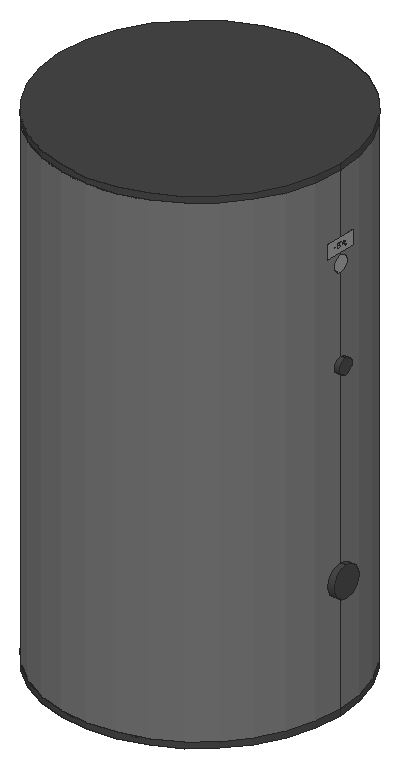
Revit family "EVAN WBT", category Оборудование, Revit 2019
Family settings
  Размер круглого соединителя = Использовать диаметр
  Классификация = Нет
  Тип детали = Нормальный
  На основе рабочей плоскости = Нет
  Всегда вертикально = Да
  При загрузке вырезать с полостями = Нет
  Общий = Нет
  Точка расчета площади = Нет
Parameters (values of type "EVAN WBT 800 л. с одним змеевиком")
  Электрическая мощность ТЭНа N, кВт2) = 0 W
  Частота тока для ТЭНа, Гц = 0 Hz
  ТЭН [instance] = ТЭН : нет
  Статическая потеря, Вт [instance] = 0 W
  Сопротивление змеевика, мбар [instance] = ""
  Серый = Серый
  Постоянная произво- дительность, литр/ час [instance] = ""
  Площадь змеевика, м2 [instance] = 2.55 m²
  Температура окружающей среды при эксплуатации водонагревателя, оС = ""
  Стекло = Стекло
  Пластмасса_черная = Пластмасса_черная
  Пластик_синий = Пластик_синий
  Пластик_красный = Пластик_красный
  Пластик прозрачный = Пластик_прозрачный
  Номинальное давление для теплообменника PNз, бар = ""
  Номинальное давление для бака PNб, бар = ""
  Напряжение питания для ТЭНа, В = 0 V
  Материал корпуса = "Конструкционная сталь с эмалевым покрытием"
  Максимальная температура греющего теплоносителя Тмакс, оС = ""
  Максимальная температура горячей воды Тг, оС = ""
  Макс. производи- тельност, л/первые 10 мин [instance] = ""
  Диаметр2 = Dбойлера / 2 - 6 mm  # 469 mm
  Диаметр1 = Dбойлера / 2 - 9 mm  # 466 mm
  Высота 1 = 20 mm
  Объем, л = "814"
  База = "Бойлер косвенного нагрева напольный"  # constant formula
  URL = "https://www.evan.ru/products/boylery_kosvennogo_nagreva/evan-wbt/"
  H7 = 1063 mm
  H5 = 1368 mm
  H4 [instance] = 911 mm
  H3 = 843 mm
  H бойлера [instance] = 1670 mm
  H2 [instance] = 413 mm
  H1 [instance] = 318 mm
  G2int = 24.1 mm
  G2ext = DN2 + 6 mm  # 38 mm
  G1int = 30.3 mm
  G1ext = DN1 + 6 mm  # 38 mm
  Dкороба = 20 mm
  Dбойлера = 950 mm
  DN2 = 32 mm
  DN1 = 32 mm
  D2_colp = G2ext * 1.05  # 39.9 mm
  ADSK_Расход ХВ = 0.0 L/s
  ADSK_Расход ГВ = 0.0 L/s
  ADSK_Примечание [instance] = ""
  ADSK_Полная мощность = 69 kW
  ADSK_Позиция [instance] = ""
  ADSK_Номинальная мощность = 0 W
  ADSK_Напряжение = 0 V
  ADSK_Наименование [instance] = "Бойлер косвенного нагрева напольный Эван WBT 800"
  ADSK_Материал = Конструкционная сталь с эмалевым покрытием
  ADSK_Масса_Текст [instance] = ""
  ADSK_Марка [instance] = ""
  ADSK_Коэффициент мощности = 1
  ADSK_Комплект = ""
  ADSK_Количество фаз = 1
  ADSK_Код изделия [instance] = ""
  ADSK_Классификация нагрузок = Прочее
  ADSK_Завод-изготовитель [instance] = "ООО \"ЭВАН\""
  ADSK_Единица измерения [instance] = "шт."  # constant formula
Types (14, lengths in mm): name | Площадь змеевика, м2 | Диаметр2 | Диаметр1 | Объем, л | H7 | H5 | H4 | H3 | H бойлера | H2 | H1 | G2ext | G1ext | Dбойлера | DN2 | DN1 | D2_colp | ADSK_Полная мощность | ADSK_Наименование
  EVAN WBT 100 л. с одним змеевиком | 0.67 m² | 239 | 236 | "104" | 734 | 854 | 674 | 554 | 1030 | 294 | 204 | 26 | 31 | 490 | 20 | 25 | 27.3 | 17 kW | "Бойлер косвенного нагрева напольный Эван WBT 100"
  EVAN WBT 160 л. с одним змеевиком | 0.93 m² | 289 | 286 | "173" | 707 | 857 | 662 | 542 | 1060 | 302 | 207 | 26 | 31 | 590 | 20 | 25 | 27.3 | 24 kW | "Бойлер косвенного нагрева напольный Эван WBT 160"
  EVAN WBT 200 л. с одним змеевиком | 1.00 m² | 289 | 286 | "208" | 864 | 1074 | 799 | 679 | 1300 | 319 | 224 | 26 | 31 | 590 | 20 | 25 | 27.3 | 27 kW | "Бойлер косвенного нагрева напольный Эван WBT 200"
  EVAN WBT 300 л. с одним змеевиком | 1.33 m² | 289 | 286 | "284" | 913 | 1613 | 858 | 738 | 1810 | 308 | 213 | 31 | 31 | 590 | 25 | 25 | 32.55 | 36 kW | "Бойлер косвенного нагрева напольный Эван WBT 300"
  EVAN WBT 400 л. с одним змеевиком | 1.60 m² | 369 | 366 | "409" | 893 | 1143 | 818 | 698 | 1380 | 338 | 243 | 31 | 31 | 750 | 25 | 25 | 32.55 | 43 kW | "Бойлер косвенного нагрева напольный Эван WBT 400"
  EVAN WBT 500 л. с одним змеевиком | 2.13 m² | 369 | 366 | "510" | 986 | 1386 | 885 | 761 | 1620 | 331 | 236 | 31 | 31 | 750 | 25 | 25 | 32.55 | 53 kW | "Бойлер косвенного нагрева напольный Эван WBT 500"
  EVAN WBT 800 л. с одним змеевиком | 2.55 m² | 469 | 466 | "814" | 1063 | 1368 | 911 | 843 | 1670 | 413 | 318 | 38 | 38 | 950 | 32 | 32 | 39.9 | 69 kW | "Бойлер косвенного нагрева напольный Эван WBT 800"
  EVAN WBT 1000 л. с одним змеевиком | 3.06 m² | 469 | 466 | "1004" | 1143 | 1698 | 963 | 923 | 2010 | 393 | 298 | 38 | 38 | 950 | 32 | 32 | 39.9 | 82 kW | "Бойлер косвенного нагрева напольный Эван WBT 1000"
  EVAN WBT 1500 л. с одним змеевиком | 4.02 m² | 524 | 521 | "1463" | 1252 | 1957 | 1043 | 1002 | 2250 | 402 | 307 | 38 | 38 | 1060 | 32 | 32 | 39.9 | 108 kW | "Бойлер косвенного нагрева напольный Эван WBT 1500"
  EVAN WBT 2000 л. с одним змеевиком | 4.68 m² | 594 | 591 | "1811" | 1217 | 1952 | 1122 | 997 | 2250 | 397 | 302 | 38 | 38 | 1200 | 32 | 32 | 39.9 | 126 kW | "Бойлер косвенного нагрева напольный Эван WBT 2000"
  EVAN WBT 2500 л. с одним змеевиком | 5.49 m² | 719 | 716 | "2325" | 1344 | 1809 | 1117 | 1104 | 2200 | 504 | 409 | 46 | 38 | 1450 | 40 | 32 | 48.3 | 148 kW | "Бойлер косвенного нагрева напольный Эван WBT 2500"
  EVAN WBT 3000 л. с одним змеевиком | 6.76 m² | 719 | 716 | "2785" | 1504 | 2303 | 1224 | 1264 | 2600 | 504 | 409 | 46 | 38 | 1450 | 40 | 32 | 48.3 | 182 kW | "Бойлер косвенного нагрева напольный Эван WBT 3000"
  EVAN WBT 4000 л. с одним змеевиком | 8.09 m² | 849 | 846 | "4000" | 1528 | 2046 | 1408 | 1288 | 2500 | 528 | 433 | 46 | 56 | 1710 | 40 | 50 | 48.3 | 218 kW | "Бойлер косвенного нагрева напольный Эван WBT 4000"
  EVAN WBT 5000 л. с одним змеевиком | 9.61 m² | 849 | 846 | "5000" | 1744 | 2529 | 1624 | 1508 | 3000 | 524 | 429 | 46 | 56 | 1710 | 40 | 50 | 48.3 | 258 kW | "Бойлер косвенного нагрева напольный Эван WBT 5000"
Reference planes
  plane 1 "По центру (Вперед/Назад)": y = 0
  plane 2: z = -3
  plane 3 "По центру (Влево/Вправо)": x = 0
  plane 4: z = -3
  plane 5: z = 1647
  plane 6: z = 315
  plane 7: z = 410
  plane 8: z = 840
  plane 9: z = 17
  plane 10: x = -471
  plane 11: y = 475
  plane 12: y = -475
  plane 13: x = -115
  plane 14: x = 115
  plane 15: y = 154
  plane 16: x = -469
  plane 17: x = -491
  plane 18: y = -255.5
  plane 19: y = -477
  plane 20: y = -260.5
  plane 21: x = -481
  plane 22: y = -467
  plane 23: y = -270.5
  plane 24: y = -345
  plane 25: z = 908
  plane 26: z = 1365
  plane 27: z = 832
  plane 28: z = 1365
  plane 29: z = 410
  plane 30: z = 734
  plane 31: z = 1060
  plane 32: z = 1667
  plane 33: x = 466
Forms (mm)
  Extrusion 1, solid, material "Пластмасса_черная" <- "Пластмасса_черная", detail levels medium+fine
    sketch origin (0, 0, -3) x (1, 0, 0) y (0, 1, 0)
      loop
        circle (0, 0) r 475
    from 0 to 20
  Extrusion 2, solid, material "Серый" <- "Серый", detail levels medium+fine
    sketch origin (0, 0, -3) x (1, 0, 0) y (0, 1, 0)
      loop
        circle (0, 0) r 475
    from 20 to 1650
  Extrusion 3, solid, material "Пластик_синий" <- "Пластик_синий", detail levels medium+fine
    sketch origin (0, 0, 0) x (0, 1, 0) y (0, 0, 1)
      loop
        circle (0, 315) r 19
    from -491 to -469
  Extrusion 4, solid, material "Пластик_синий" <- "Пластик_синий", detail levels medium+fine
    sketch origin (0, 0, 87.5) x (0, 1, 0) y (0, 0, 1)
      loop
        circle (0, 322.5) r 19
    from -491 to -469
  Extrusion 5, solid, material "Пластик_прозрачный" <- "Пластик прозрачный", detail levels medium+fine
    sketch origin (0, 0, 0) x (0, 1, 0) y (0, 0, 1)
      loop
        circle (0, 840) r 19
    from -491 to -469
  Blend 6, solid, material "Пластмасса_черная" <- "Пластмасса_черная", detail levels medium+fine
    base sketch origin (0, 0, 0) x (0, 1, 0) y (0, 0, 1)
      loop
        circle (0, 840) r 30
    top sketch origin (0, 0, 0) x (0, 1, 0) y (0, 0, 1)
      loop
        circle (0, 840) r 19
    from -469 to -481
  Blend 7, solid, material "Пластмасса_черная" <- "Пластмасса_черная", detail levels medium+fine
    base sketch origin (0, 49.406, -351.545) x (0, 1, 0) y (0, 0, 1)
      loop
        circle (-49.406, 761.545) r 30
    top sketch origin (0, 49.406, -351.545) x (0, 1, 0) y (0, 0, 1)
      loop
        circle (-49.406, 761.545) r 19
    from -469 to -481
  Blend 8, solid, material "Пластмасса_черная" <- "Пластмасса_черная", not visible, detail levels medium+fine
    base sketch origin (0, 0, 0) x (0, 1, 0) y (0, 0, 1)
      loop
        circle (0, 315) r 19
    top sketch origin (0, 0, 0) x (0, 1, 0) y (0, 0, 1)
      loop
        circle (0, 315) r 30
    from -481 to -469
  Extrusion 9, solid, material "Пластмасса_черная" <- "Пластмасса_черная", not visible, detail levels medium+fine
    sketch origin (0, 0, 0) x (1, 0, 0) y (0, 1, 0)
      loop
        circle (192.2, 0) r 4
    from 0 to 20
  Extrusion 10, solid, material "Пластмасса_черная" <- "Пластмасса_черная", not visible, detail levels medium+fine
    sketch origin (0, 0, 0) x (1, 0, 0) y (0, 1, 0)
      loop
        circle (192.2, 0) r 12
    from 0 to 6
  Extrusion 11, solid, material "Пластик_красный" <- "Пластик_красный", detail levels medium+fine
    sketch origin (0, 0, 0) x (0, 1, 0) y (0, 0, 1)
      loop
        circle (0, 908) r 19
    from -491 to -469
  Blend 12, solid, material "Пластмасса_черная" <- "Пластмасса_черная", not visible, detail levels medium+fine
    base sketch origin (0, 0, 0) x (0, 1, 0) y (0, 0, 1)
      loop
        circle (0, 908) r 30
    top sketch origin (0, 0, 0) x (0, 1, 0) y (0, 0, 1)
      loop
        circle (0, 908) r 19
    from -469 to -481
  Extrusion 13, solid, material "Пластик_красный" <- "Пластик_красный", detail levels medium+fine
    sketch origin (0, 0, 0) x (0, 1, 0) y (0, 0, 1)
      loop
        circle (0, 1365) r 19
    from -491 to -469
  Blend 14, solid, material "Пластмасса_черная" <- "Пластмасса_черная", not visible, detail levels medium+fine
    base sketch origin (0, 0, 362) x (0, 1, 0) y (0, 0, 1)
      loop
        circle (0, 1003) r 30
    top sketch origin (0, 0, 362) x (0, 1, 0) y (0, 0, 1)
      loop
        circle (0, 1003) r 19
    from -469 to -481
  Extrusion 15, solid, material "Пластик_прозрачный" <- "Пластик прозрачный", detail levels medium+fine
    sketch origin (466, -1524, 1051.556) x (0, 0, 1) y (0, 1, 0)
      loop
        circle (313.444, 1524) r 25
      loop
        line (393.23, 1471.5) -> (393.23, 1576.5) -> (348.23, 1576.5) -> (348.23, 1471.5) -> (393.23, 1471.5)
      loop
        line (381.777, 1509.168) -> (381.777, 1519.168)
        arc (381.777, 1519.168) -> (377.172, 1523.773) -> (372.567, 1519.168) r 4.605
        arc (372.567, 1519.168) -> (367.172, 1524.563) -> (361.777, 1519.168) r 5.395
        line (361.777, 1519.168) -> (361.777, 1509.168) -> (381.777, 1509.168)
      loop
        line (379.428, 1511.587) -> (379.428, 1518.071)
        arc (379.428, 1518.071) -> (376.573, 1520.926) -> (373.719, 1518.071) r 2.855
        line (373.719, 1518.071) -> (373.719, 1511.587) -> (379.428, 1511.587)
      loop
        line (371.07, 1511.587) -> (371.07, 1517.962)
        arc (371.07, 1517.962) -> (367.664, 1521.368) -> (364.259, 1517.962) r 3.406
        line (364.259, 1517.962) -> (364.259, 1511.587) -> (371.07, 1511.587)
      loop
        line (378.978, 1488.585) -> (377.177, 1490.386)
        arc (377.177, 1490.386) -> (378.897, 1497.728) -> (373.329, 1502.814) r 7.454
        line (373.329, 1502.814) -> (373.329, 1495.587) -> (371.07, 1495.587) -> (371.07, 1502.944)
        arc (371.07, 1502.944) -> (364.733, 1497.959) -> (366.639, 1490.124) r 7.454
        line (366.639, 1490.124) -> (364.838, 1488.323)
        arc (364.838, 1488.323) -> (371.592, 1505.522) -> (378.978, 1488.585) r 10
      loop
        line (361.777, 1525.421) -> (381.777, 1533.098) -> (381.777, 1535.485) -> (361.777, 1543.566) -> (361.777, 1540.784) -> (367.998, 1538.271) -> (367.998, 1530.532) -> (361.777, 1528.145) -> (361.777, 1525.421)
      loop
        line (370.518, 1531.5) -> (377.82, 1534.303) -> (370.518, 1537.253) -> (370.518, 1531.5)
      loop
        line (381.777, 1546.188) -> (381.777, 1548.648) -> (373.719, 1548.648) -> (373.719, 1559.315) -> (381.777, 1559.315) -> (381.777, 1561.816) -> (361.777, 1561.816) -> (361.777, 1559.315) -> (371.143, 1559.315) -> (371.143, 1548.648) -> (361.777, 1548.648) -> (361.777, 1546.188) -> (381.777, 1546.188)
      loop
        line (313.777, 1523.667) -> (327.919, 1537.809) -> (327.253, 1538.475) -> (313.111, 1524.333) -> (313.777, 1523.667)
      loop
        circle (335.056, 1523.977) r 1.034
      loop
        circle (291.832, 1523.977) r 1.034
      loop
        circle (313.421, 1545.612) r 1.034
      loop
        circle (313.421, 1502.388) r 1.034
      loop
        circle (332.149, 1513.175) r 1.034
      loop
        circle (294.716, 1534.786) r 1.034
      loop
        circle (324.23, 1542.728) r 1.034
      loop
        circle (302.619, 1505.295) r 1.034
      loop
        circle (332.149, 1534.825) r 1.034
      loop
        circle (294.716, 1513.214) r 1.034
      loop
        circle (324.23, 1505.272) r 1.034
      loop
        circle (302.619, 1542.705) r 1.034
    from -10 to 0
  Extrusion 16, solid, material "Пластмасса_черная" <- "Пластмасса_черная", detail levels medium+fine
    sketch origin (466, -1524, 1051.556) x (0, 0, 1) y (0, 1, 0)
      loop
        circle (-641.556, 1524) r 50
    from -30 to 0
  Blend 17, solid, material "Пластмасса_черная" <- "Пластмасса_черная", not visible
    base sketch origin (466, -1524, 1051.556) x (0, 0, 1) y (0, 1, 0)
      loop
        circle (-641.556, 1524) r 60
    top sketch origin (466, -1524, 1051.556) x (0, 0, 1) y (0, 1, 0)
      loop
        circle (-641.556, 1524) r 50
    from 0 to -10
  Extrusion 18, solid, material "Пластмасса_черная" <- "Пластмасса_черная", detail levels medium+fine
    sketch origin (466, -1524, 1051.556) x (0, 0, 1) y (0, 1, 0)
      loop
        circle (8.444, 1524) r 25
    from -27 to 0
  Blend 19, solid, material "Пластмасса_черная" <- "Пластмасса_черная", not visible
    base sketch origin (466, -1524, 1051.556) x (0, 0, 1) y (0, 1, 0)
      loop
        circle (8.444, 1524) r 30
    top sketch origin (466, -1524, 1051.556) x (0, 0, 1) y (0, 1, 0)
      loop
        circle (8.444, 1524) r 25
    from 0 to -10
  Extrusion 20, solid, material "Пластмасса_черная" <- "Пластмасса_черная", detail levels medium+fine
    sketch origin (-94.291, -1524, 1667) x (-1, 0, 0) y (0, -1, 0)
      loop
        circle (-94.291, -1524) r 475
    from 0 to -20
Lines and regions (mm)
  reference lines
    curve 1: circle (0, 0, -3) r 192.2 normal (0, 0, 1)
    curve 2: circle (0, 0, -3) r 142.2 normal (0, 0, 1)
Dimensions and locks
  "H1": plane 6 to level
  "Высота 1": plane 9 to plane 4
  equal spacing: plane 11, plane 1 "По центру (Вперед/Назад)", plane 12
  "Dбойлера": plane 11 to plane 12
  equal spacing: plane 13, plane 3 "По центру (Влево/Вправо)", plane 14
  plane 13 to plane 14 = 230 mm
  plane 1 "По центру (Вперед/Назад)" to plane 15 = 154 mm
  locked: plane 10 to plane 16 at 2
  locked: plane 17 to plane 10 at 20
  plane 12 to plane 19 = 2 mm
  equal spacing: plane 17, plane 21, plane 10
  locked: plane 22 to plane 12 at 8
  equal spacing: plane 5, plane 27, plane 9
  "H2": level to plane 7
  "H3": level to plane 8
  "H4": level to plane 25
  "H5": level to plane 26
  "H бойлера": level to plane 32
  "H2": level to plane 29
  "H5": plane 28 to level
  "H7": plane 31 to level
  "Высота 1": plane 32 to plane 5
  "Диаметр1": plane 3 "По центру (Влево/Вправо)" to plane 33
  "Диаметр2": plane 16 to plane 3 "По центру (Влево/Вправо)"
  Blend 8 sketch curve to plane 6 = 30 mm
  "Dбойлера": diameter of Extrusion 1 sketch curve
  "Dбойлера": diameter of Extrusion 2 sketch curve
  "G2ext": diameter of Extrusion 3 sketch curve
  "G1ext": diameter of Extrusion 4 sketch curve
  "G2ext": diameter of Extrusion 5 sketch curve
  "G2ext": diameter of Blend 6 sketch curve
  "G1ext": diameter of Blend 7 sketch curve
  "G2ext": diameter of Blend 8 sketch curve
  "G1ext": diameter of Extrusion 11 sketch curve
  "G1ext": diameter of Blend 12 sketch curve
  "G2ext": diameter of Extrusion 13 sketch curve
  "G2ext": diameter of Blend 14 sketch curve
  "Dбойлера": diameter of Extrusion 20 sketch curve
  aligned and locked: Extrusion 1 to plane 4
  aligned and locked: Extrusion 1 to plane 9
  aligned and locked: plane 5 to Extrusion 2
  aligned and locked: Extrusion 2 to plane 9
  aligned and locked: plane 16 to Extrusion 3
  aligned and locked: Extrusion 3 to plane 17
  aligned and locked: plane 6 to Extrusion 3 sketch curve
  aligned and locked: plane 1 "По центру (Вперед/Назад)" to Extrusion 3 sketch curve
  aligned and locked: plane 7 to Extrusion 4 sketch curve
  aligned and locked: plane 1 "По центру (Вперед/Назад)" to Extrusion 4 sketch curve
  aligned and locked: plane 16 to Extrusion 4
  aligned and locked: Extrusion 4 to plane 17
  aligned and locked: plane 8 to Extrusion 5 sketch curve
  aligned and locked: plane 1 "По центру (Вперед/Назад)" to Extrusion 5 sketch curve
  aligned and locked: plane 16 to Extrusion 5
  aligned and locked: Extrusion 5 to plane 17
  aligned and locked: plane 8 to Blend 6 sketch curve  (x2)
  aligned and locked: plane 1 "По центру (Вперед/Назад)" to Blend 6 sketch curve  (x2)
  aligned and locked: Blend 6 to Extrusion 3
  aligned and locked: Blend 6 to plane 21
  aligned and locked: plane 1 "По центру (Вперед/Назад)" to Blend 7 sketch curve  (x2)
  aligned and locked: plane 7 to Blend 7 sketch curve  (x2)
  aligned and locked: plane 16 to Blend 7
  aligned and locked: Blend 7 to plane 21
  aligned and locked: plane 6 to Blend 8 sketch curve  (x2)
  aligned and locked: plane 1 "По центру (Вперед/Назад)" to Blend 8 sketch curve  (x2)
  aligned and locked: Blend 8 to plane 16
  aligned and locked: Blend 8 to plane 21
  aligned and locked: Extrusion 11 to plane 17
  aligned and locked: plane 16 to Extrusion 11
  aligned and locked: plane 25 to Extrusion 11 sketch curve
  aligned and locked: plane 1 "По центру (Вперед/Назад)" to Extrusion 11 sketch curve
  aligned and locked: plane 25 to Blend 12 sketch curve  (x2)
  aligned and locked: plane 1 "По центру (Вперед/Назад)" to Blend 12 sketch curve  (x2)
  aligned and locked: Blend 12 to plane 21
  aligned and locked: plane 16 to Blend 12
  aligned and locked: plane 26 to Extrusion 13 sketch curve
  aligned and locked: plane 1 "По центру (Вперед/Назад)" to Extrusion 13 sketch curve
  aligned and locked: Extrusion 13 to plane 17
  aligned and locked: plane 16 to Extrusion 13
  aligned and locked: plane 26 to Blend 14 sketch curve  (x2)
  aligned and locked: plane 1 "По центру (Вперед/Назад)" to Blend 14 sketch curve  (x2)
  aligned and locked: Blend 14 to plane 21
  aligned and locked: plane 16 to Blend 14
  aligned and locked: plane 28 to Extrusion 15 sketch curve
  aligned and locked: plane 29 to Extrusion 16 sketch curve
  aligned and locked: plane 29 to Blend 17 sketch curve  (x2)
  aligned and locked: plane 31 to Extrusion 18 sketch curve
  aligned and locked: plane 31 to Blend 19 sketch curve  (x2)
Automatic sketch dimensions
  curve 1 to curve 2 = 0 mm  (x2)
  plane 1 "По центру (Вперед/Назад)" to curve 2 = 0 mm
  curve 2 to plane 3 "По центру (Влево/Вправо)" = 0 mm
  Blend 19 sketch curve to plane 1 "По центру (Вперед/Назад)" = 0 mm  (x2)
  Extrusion 18 sketch curve to plane 1 "По центру (Вперед/Назад)" = 0 mm
  Extrusion 15 sketch curve to Extrusion 15 sketch curve = 0 mm  (x12)
  Extrusion 15 sketch curve to plane 1 "По центру (Вперед/Назад)" = 0 mm
  plane 26 to Extrusion 15 sketch curve = 0.023 mm  (x2)
  plane 26 to Extrusion 15 sketch curve = 0.333 mm
  plane 26 to Extrusion 15 sketch curve = 10.825 mm  (x2)
  Extrusion 15 sketch curve to Extrusion 15 sketch curve = 7.902 mm  (x3)
  Extrusion 15 sketch curve to plane 1 "По центру (Вперед/Назад)" = 0.023 mm  (x2)
  Extrusion 15 sketch curve to Extrusion 15 sketch curve = 2.884 mm  (x2)
  Extrusion 15 sketch curve to plane 26 = 0.333 mm
  Extrusion 15 sketch curve to plane 26 = 10.786 mm  (x2)
  Extrusion 15 sketch curve to Extrusion 15 sketch curve = 3.023 mm
  Extrusion 15 sketch curve to Extrusion 15 sketch curve = 7.919 mm  (x2)
  Extrusion 15 sketch curve to Extrusion 15 sketch curve = 4.23 mm
  Extrusion 15 sketch curve to Extrusion 15 sketch curve = 2.907 mm  (x3)
  Extrusion 15 sketch curve to plane 26 = 34.786 mm
  plane 1 "По центру (Вперед/Назад)" to Extrusion 15 sketch curve = 19.566 mm
  Extrusion 15 sketch curve to Extrusion 15 sketch curve = 29.628 mm
  Extrusion 15 sketch curve to plane 1 "По центру (Вперед/Назад)" = 4.832 mm
  plane 1 "По центру (Вперед/Назад)" to Extrusion 15 sketch curve = 1.421 mm
  Extrusion 15 sketch curve to Extrusion 15 sketch curve = 2.482 mm
  Extrusion 15 sketch curve to Extrusion 15 sketch curve = 3.061 mm
  Extrusion 15 sketch curve to Extrusion 15 sketch curve = 1.801 mm  (x2)
  Extrusion 15 sketch curve to Extrusion 15 sketch curve = 2.913 mm
  Extrusion 15 sketch curve to Extrusion 15 sketch curve = 0.492 mm
  Extrusion 15 sketch curve to Extrusion 15 sketch curve = 6.221 mm
  plane 1 "По центру (Вперед/Назад)" to Extrusion 15 sketch curve = 7.5 mm
  Extrusion 15 sketch curve to Extrusion 15 sketch curve = 2.52 mm
  Extrusion 15 sketch curve to Extrusion 15 sketch curve = 4.431 mm
  Extrusion 15 sketch curve to Extrusion 15 sketch curve = 9.365 mm
  Extrusion 15 sketch curve to Extrusion 15 sketch curve = 0.707 mm
  Extrusion 15 sketch curve to Extrusion 15 sketch curve = 1.552 mm
  Extrusion 15 sketch curve to Extrusion 15 sketch curve = 2.576 mm
  Extrusion 15 sketch curve to Extrusion 15 sketch curve = 2.649 mm
  Extrusion 15 sketch curve to Extrusion 15 sketch curve = 2.855 mm
  Extrusion 15 sketch curve to Extrusion 15 sketch curve = 0.599 mm
  Extrusion 15 sketch curve to plane 1 "По центру (Вперед/Назад)" = 33.614 mm
  Extrusion 15 sketch curve to Extrusion 15 sketch curve = 3.848 mm
  plane 1 "По центру (Вперед/Назад)" to Extrusion 15 sketch curve = 10.303 mm
  Extrusion 15 sketch curve to Extrusion 15 sketch curve = 7.302 mm
  Extrusion 15 sketch curve to plane 1 "По центру (Вперед/Назад)" = 35.415 mm
  Extrusion 15 sketch curve to Extrusion 15 sketch curve = 8.059 mm  (x2)
  Extrusion 15 sketch curve to Extrusion 15 sketch curve = 2.349 mm
  Extrusion 15 sketch curve to Extrusion 15 sketch curve = 3.958 mm
  Extrusion 15 sketch curve to Extrusion 15 sketch curve = 14.252 mm
  plane 1 "По центру (Вперед/Назад)" to Extrusion 15 sketch curve = 21.612 mm
  Extrusion 15 sketch curve to Extrusion 15 sketch curve = 11.885 mm
  Extrusion 15 sketch curve to Extrusion 15 sketch curve = 2.46 mm
  Extrusion 15 sketch curve to Extrusion 15 sketch curve = 10.667 mm
  Extrusion 15 sketch curve to Extrusion 15 sketch curve = 2.502 mm
  Extrusion 15 sketch curve to Extrusion 15 sketch curve = 14.684 mm
  Extrusion 15 sketch curve to Extrusion 15 sketch curve = 2.782 mm
  Extrusion 15 sketch curve to Extrusion 15 sketch curve = 4.252 mm
  Extrusion 15 sketch curve to Extrusion 15 sketch curve = 2.513 mm
  Extrusion 15 sketch curve to Extrusion 15 sketch curve = 0.666 mm
  Extrusion 15 sketch curve to Extrusion 15 sketch curve = 1.018 mm
  Extrusion 15 sketch curve to Extrusion 15 sketch curve = 1.183 mm
  Extrusion 15 sketch curve to Extrusion 15 sketch curve = 2.983 mm
  plane 1 "По центру (Вперед/Назад)" to Extrusion 15 sketch curve = 10.786 mm
  Extrusion 15 sketch curve to Extrusion 15 sketch curve = 2.388 mm
  Extrusion 15 sketch curve to Extrusion 15 sketch curve = 0.967 mm
  Extrusion 15 sketch curve to Extrusion 15 sketch curve = 2.724 mm
  Extrusion 15 sketch curve to Extrusion 15 sketch curve = 1.097 mm
  Extrusion 15 sketch curve to Extrusion 15 sketch curve = 1.206 mm
  Extrusion 15 sketch curve to plane 1 "По центру (Вперед/Назад)" = 10.786 mm
  Extrusion 15 sketch curve to plane 1 "По центру (Вперед/Назад)" = 10.825 mm
  Extrusion 15 sketch curve to Extrusion 15 sketch curve = 6.376 mm
  Extrusion 15 sketch curve to Extrusion 15 sketch curve = 6.484 mm
  Extrusion 15 sketch curve to Extrusion 15 sketch curve = 2.419 mm
  Extrusion 15 sketch curve to Extrusion 15 sketch curve = 8.643 mm
  Extrusion 15 sketch curve to Extrusion 15 sketch curve = 0.13 mm
  Extrusion 15 sketch curve to Extrusion 15 sketch curve = 0.064 mm
  Extrusion 15 sketch curve to Extrusion 15 sketch curve = 16.823 mm
  Blend 17 sketch curve to plane 1 "По центру (Вперед/Назад)" = 0 mm  (x2)
  Extrusion 16 sketch curve to plane 1 "По центру (Вперед/Назад)" = 0 mm
  plane 1 "По центру (Вперед/Назад)" to Extrusion 1 sketch curve = 0 mm
  Extrusion 1 sketch curve to plane 3 "По центру (Влево/Вправо)" = 0 mm
  plane 1 "По центру (Вперед/Назад)" to Extrusion 2 sketch curve = 0 mm
  Extrusion 2 sketch curve to plane 3 "По центру (Влево/Вправо)" = 0 mm
  plane 1 "По центру (Вперед/Назад)" to Extrusion 20 sketch curve = 0 mm
  Extrusion 20 sketch curve to plane 3 "По центру (Влево/Вправо)" = 0 mm
  radius of Extrusion 9 sketch curve = 4 mm
  radius of Extrusion 10 sketch curve = 12 mm
  radius of curve 1 = 192.2 mm
  radius of curve 2 = 142.2 mm
  radius of Blend 6 sketch curve = 30 mm
  radius of Blend 7 sketch curve = 30 mm
  radius of Blend 12 sketch curve = 30 mm
  radius of Blend 14 sketch curve = 30 mm
  radius of Blend 19 sketch curve = 30 mm
  radius of Blend 19 sketch curve = 25 mm
  radius of Extrusion 18 sketch curve = 25 mm
  radius of Extrusion 15 sketch curve = 25 mm
  radius of Extrusion 15 sketch curve = 1.034 mm  (x12)
  radius of Blend 17 sketch curve = 60 mm
  radius of Blend 17 sketch curve = 50 mm
  radius of Extrusion 16 sketch curve = 50 mm
Nested families
  nested 1: "ТЭН" at (-69.089, 239.448, 1647), ADSK_Комплект <- "ADSK_Код изделия", type <- "ТЭН", type "нет", detail levels coarse
    with ADSK_Комплект ""
Connectors
  piping at (-491, 0, 315), diameter 32, driven by "DN2"
    settings: on Extrusion 3, index 3, connector inside diameter 609.6 mm, connector length 0 mm, flow factor 0, pipe flow 0.0 L/s, pressure drop 0.0 Pa, fitting loss kfactor 0, connector angle 0.00°, fixture units 0, engagement length 0 mm, angle of deflection 0.00°, flow configuration 0, flow direction 1, fitting loss method 0, system type 20, joint type 0, gender type 0, connector reference index 7, connector utility 0, adjustable connector no, is connector primary yes, connector description ""
  piping at (-491, 0, 410), diameter 32, driven by "DN1"
    settings: on Extrusion 4, index 4, connector inside diameter 609.6 mm, connector length 0 mm, flow factor 0, pipe flow 0.0 L/s, pressure drop 0.0 Pa, fitting loss kfactor 0, connector angle 0.00°, fixture units 0, engagement length 0 mm, angle of deflection 0.00°, flow configuration 0, flow direction 1, fitting loss method 0, system type 8, joint type 0, gender type 0, connector reference index 5, connector utility 0, adjustable connector no, is connector primary no, connector description ""
  piping at (-491, 0, 840), diameter 32, driven by "DN2"
    settings: on Extrusion 5, index 5, connector inside diameter 609.6 mm, connector length 0 mm, flow factor 0, pipe flow 0.0 L/s, pressure drop 0.0 Pa, fitting loss kfactor 0, connector angle 0.00°, fixture units 0, engagement length 0 mm, angle of deflection 0.00°, flow configuration 0, flow direction 2, fitting loss method 0, system type 22, joint type 0, gender type 0, connector reference index 4, connector utility 0, adjustable connector no, is connector primary no, connector description ""
  piping at (-491, 0, 908), diameter 32, driven by "DN1"
    settings: on Extrusion 11, index 6, connector inside diameter 609.6 mm, connector length 0 mm, flow factor 0, pipe flow 0.0 L/s, pressure drop 0.0 Pa, fitting loss kfactor 0, connector angle 0.00°, fixture units 0, engagement length 0 mm, angle of deflection 0.00°, flow configuration 0, flow direction 0, fitting loss method 0, system type 7, joint type 0, gender type 0, connector reference index -1, connector utility 0, adjustable connector no, is connector primary no, connector description ""
  piping at (-491, 0, 1365), diameter 32, driven by "DN2"
    settings: on Extrusion 13, index 7, connector inside diameter 609.6 mm, connector length 0 mm, flow factor 0, pipe flow 0.0 L/s, pressure drop 0.0 Pa, fitting loss kfactor 0, connector angle 0.00°, fixture units 0, engagement length 0 mm, angle of deflection 0.00°, flow configuration 0, flow direction 2, fitting loss method 0, system type 19, joint type 0, gender type 0, connector reference index 3, connector utility 0, adjustable connector no, is connector primary no, connector description ""
Definition of nested family "ТЭН"
  Parameters (values of type "нет")
    Default Elevation = 1219.2 mm
    ADSK_Примечание = ""
    ADSK_Позиция = ""
    ADSK_Номинальная мощность = 0 W
    ADSK_Наименование = "Отсутствует"
    ADSK_Масса_Текст = ""
    ADSK_Марка = ""
    ADSK_Комплект [instance] = ""
    ADSK_Код изделия = "Отсутствует"
    ADSK_Завод-изготовитель = ""
    ADSK_Единица измерения = "шт."  # constant formula
  Types (5, lengths in mm): name | ADSK_Номинальная мощность | ADSK_Наименование | ADSK_Код изделия
    ТЭН 3 кВт, 6/4″,220В, L390 | 3000 W | "ТЭН 3 кВт, 6/4″,220В, L390" | "2419991045"
    ТЭН 2 кВт, 6/4″,220В, L390 | 2000 W | "ТЭН 2 кВт, 6/4″,220В, L390" | "2419991067"
    Сухой ТЭН 2,4 кВт, 220B | 2400 W | "Сухой ТЭН 2,4 кВт, 220B" | "6104550263"
    ТЭН 2,4 кВт, 220B | 2400 W | "ТЭН 2,4 кВт, 220B" | "6104550188"
    нет | 0 W | "Отсутствует" | "Отсутствует"
  Reference planes
    plane 1 "По центру (Вперед/Назад)": y = 0
    plane 2: z = 0
    plane 3 "По центру (Влево/Вправо)": x = 0
  Forms (mm)
    Extrusion 1, solid
      sketch origin (0, 0, 0) x (1, 0, 0) y (0, 1, 0)
        loop
          circle (0, 0) r 0.5
      from 0 to 1
  Dimensions and locks
    aligned and locked: level to plane 2
